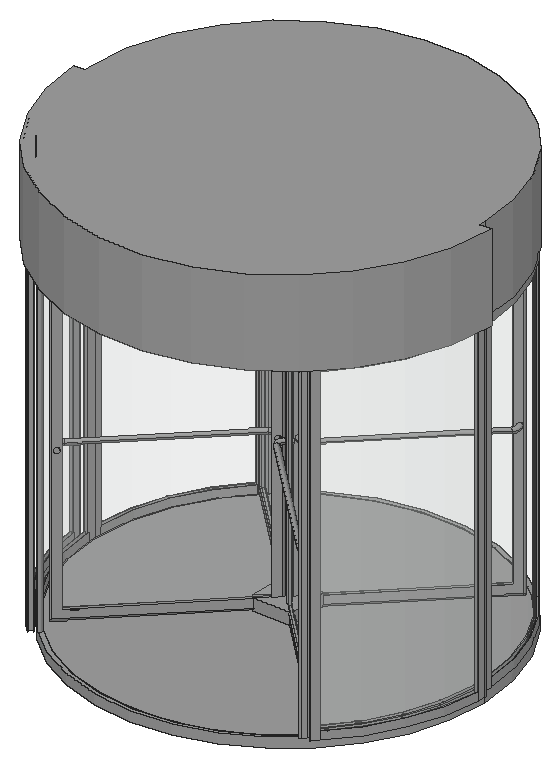
Revit family "agtatec_Record_RlvngDrsetSym_K41_Standalone", category Doors, Revit 2012
Parameters (values of type "default")
  WithinStandardSizes = and(InsideDiameter > 1999.90 mm, InsideDiameter < 4000.10 mm, PassageHeight > 1999.90 mm, PassageHeight < 3000.10 mm, and(HeightOfFloorFrame > 64.90 mm, HeightOfFloorFrame < 500.10 mm), CanopyHeight < 1000.10 mm, if(InsideDiameter < 3300.90 mm, CanopyHeight > 249.90 mm, CanopyHeight > 349.90 mm))  # yes
  Width = OutsideDiameter + 25.00 mm  # 2619.00 mm
  Weight = "Depends on configuration and size"
  WarrantyStartDate [instance] = "Depends on country"
  WarrantyGuarantorParts = "Local door manufacturer"
  WarrantyGuarantorLabour = "Local door manufacturer"
  WarrantyDurationUnit = "Depends on country"
  WarrantyDurationParts = "Depends on country"
  WarrantyDurationLabour = "Depends on country"
  WarrantyDescription = "Depends on country"
  Version = "Version 1.0"
  Uniclass2 = "Ss_25_30_20_70"
  URL = ""
  TotalHeight = PassageHeight + CanopyHeight  # 2770.00 mm
  TotalDiameter = 2600.00 mm
  ThresholdStripping = "No additional required, part of the doorset"
  ThresholdRequired = yes
  ThermalTransmittance = 0
  TagNumber [instance] = "n/a"
  SustainabilityPerformance = "n/a"
  SmokeStop = no
  Size = "n/a"
  ShowcaseRadius = InnerRadius - 76.00 mm  # 1195.00 mm
  Shape = "Cylinder shaped"
  ServiceLifeType = "n/a"
  ServiceLifeDuration = "10-15 years"
  SerialNumber [instance] = "n/a"
  SelfClosing = yes
  SecurityRating = "n/a"
  SafetyDevices = "Fully compliant with EN16005, Safety buffers, Presence sensors, etc."
  Rough Width = TotalDiameter + 6.00 mm  # 2606.00 mm
  Rough Height = PassageHeight + CanopyHeight + 6.00 mm  # 2776.00 mm
  Revision = "n/a"
  ReplacementCost = "Depends on the configuration and door type"
  ReferenceStandard = "EN16005, EN16361, DIN 18650, etc."
  Reference = "n/a"
  RecessWidth = TotalDiameter + 100.00 mm  # 2700.00 mm
  RecessHeight = TotalHeight + 50.00 mm  # 2820.00 mm
  ProductionYear = "n/a"
  ProductInformation = "www.agta-record.com"
  Process = "n/a"
  PassageWidthOptions = "n/a"
  PassageWidth = (TotalDiameter * 0.5) - 130.00 mm  # 1170.00 mm
  PassageHeight = 2200.00 mm
  PanelWidth = InnerRadius - 54.80 mm  # 1216.20 mm
  PanelHeight = PassageHeight - 37.00 mm  # 2163.00 mm
  PanelFrames = agtatec_Record_Revolving Door, Aluminium
  PanelFill = agtatec_Record_Revolving Door, Laminated Safety Glass (Clear)
  OutsideDiameter = TotalDiameter - 6.00 mm  # 2594.00 mm
  OuterRadius = InnerRadius + 26.00 mm  # 1297.00 mm
  Operation = "n/a"
  OperatingTemperature = "-15º to +50ºC"
  NominalWidth = TotalDiameter  # 2600.00 mm
  NominalLength = TotalDiameter  # 2600.00 mm
  NominalHeight = TotalHeight  # 2770.00 mm
  NightShuttersRadius = OuterRadius + 51.50 mm  # 1348.50 mm
  NightShuttersOpeningAngle = if(NightShuttersOpen, 43.50°, 0.00°)  # 43.50°
  NightShuttersOpen = yes
  NightShutterPanelFill = agtatec_Record_Revolving Door, Laminated Safety Glass (Clear)
  Name = "RlvngDrsetSym_K41_Standalone_Record"
  NBSTypeID = "n/a"
  NBSReference = "25-50-20/170"
  NBSOfficeMasterTag = "n/a"
  NBSNote = "n/a"
  NBSDescription = "Revolving Doorset System"
  NBSCertification = "n/a"
  ModelReference = "Depends on the configuration"
  ModelNumber = "n/a"
  ModelLabel = "n/a"
  Model = "K41"
  MethodOfMeasurement = "n/a"
  Material = "Aluminium"
  ManufacturerURL = "www.agta-record.com"
  ManufacturerName = "Record"
  Manufacturer = "info@recorduk.co.uk"
  LeafRotationAngle = 45.00°
  LeafPanelFill = agtatec_Record_Revolving Door, Laminated Safety Glass (Clear)
  LeafColourOptions = "All RAL, customer specific"
  IssueDate = "<>"
  IsExternal = yes
  InstallationDate [instance] = "n/a"
  InsideDiameter = TotalDiameter - 58.00 mm  # 2542.00 mm
  InnerRadius = InsideDiameter / 2  # 1271.00 mm
  Infiltration = "n/a"
  IfcExportType = "Door"
  IfcExportAs = "IfcExportAs"
  HeightUnderCanopyOptions = "Passage height: 2000 - 3000 mm"
  HeightOfFloorFrame = 65.00 mm
  Height = PassageHeight + CanopyHeight  # 2770.00 mm
  HasDrive = yes
  Handles = yes
  HandicapAccessible = no
  Grade = "n/a"
  GlazingAreaFraction = "n/a"
  GlassType = "Part of glazing spec"
  GlassThickness2 = 0.00 mm
  GlassThickness1 = 0.00 mm
  GlassLayers = 0
  Function = Exterior
  FrameSeal = yes
  FrameProfile = "Aluminium"
  FrameMaterial = "Aluminium"
  FrameFinishOptions = "n/a"
  Flooring = agtatec_Record_Revolving Door, Felt Carpet
  Floor Frame (Ring) = yes
  FireRating = "n/a"
  FireExit = no
  Finish = "Powder coated, Anodized, customer specific"
  Features = "n/a"
  ExternalDimensionOfFloorFrame = TotalDiameter + 194.00 mm  # 2794.00 mm
  ExpectedLife = "n/a"
  ElectronicLock = yes
  DurationUnit = "year"
  DrumWallPanelFill = agtatec_Record_Revolving Door, Laminated Safety Glass (Clear)
  DoorsetOperation = "Automatic"
  DoorsetFasteners = "Screws"
  DoorWingOptions = "4 wings"
  DoorSeal = "1"
  DoorNumber = "n/a"
  DoorIncluded = yes
  Documentation = "n/a"
  DocumentReference = "n/a"
  DiameterOptions = "Internal 2000-4000 mm"
  Description = "4-wing Revolving Door"
  DepthOfRecessFloorFrame = HeightOfFloorFrame + 15.00 mm  # 80.00 mm
  Cost = 0
  Construction Type = "Automatic Revolving Door"
  Constituents = "n/a"
  Configuration = "2, 3 or 4 leafs"
  Colour = "Customer specific"
  CodePerformance = "n/a"
  Category = "n/a"
  Capacity = "<>"
  CanopyRadius = OuterRadius + 3.00 mm  # 1300.00 mm
  CanopyHeightOptions = "250 mm +"
  CanopyHeight = 570.00 mm
  CanopyCovering = agtatec_Record_Revolving Door, Sheet metal (Painted Steel)
  BottomConstruction = agtatec_Record_Revolving Door, Stainless Steel
  BarCode [instance] = "n/a"
  BIMObjectName = "agtatec_Record_RevolvingDoorsetSystem_K41_Standalone"
  Author = "agtatec"
  AssetType = "n/a"
  AssetIdentifier [instance] = "n/a"
  Assembly Code = ""
  AntiFingerTrapRequirement = yes
  AlternativeDoorsetGlazing = "Part of glazing spec"
  AcousticRating = "n/a"
  AccessoryOptions = "Contact manufacturer"
  AccessibilityPerformance = "n/a"
Reference planes
  plane 1 "Center (Front/Back)": y = 0
  plane 2: z = 0
  plane 3 "Center (Left/Right)": x = 0
  plane 4 "Top Plane": z = 2200
  plane 5: z = 2770
  plane 6: z = 56
  plane 7: z = 2147
  plane 8: z = -65
  plane 9: z = 2239
  plane 10: z = 2196.2
  plane 11: y = -40
Forms (mm)
  Extrusion 1, solid, material "agtatec_Record_Revolving Door, Aluminium" <- "PanelFrames"
    sketch origin (0, 0, 0) x (-1, 0, 0) y (0, -1, 0)
      loop
        line (1271, 0) -> (1297, 0) -> (1297, 53) -> (1294, 53) -> (1294, 33) -> (1274, 33) -> (1274, 53) -> (1271, 53) -> (1271, 0)
    from 0 to 2200
  Extrusion 2, solid, material "agtatec_Record_Revolving Door, Aluminium" <- "PanelFrames"
    sketch origin (0, 0, 0) x (-0.707107, -0.707107, 0) y (0.707107, -0.707107, 0)
      loop
        line (1274, 0) -> (1294, 0) -> (1294, -20) -> (1296.999, -20) -> (1296.999, 32)
        arc (1296.999, 32) -> (1284, 45) -> (1271, 32) r 13
        line (1271, 32) -> (1271, -20) -> (1274, -20) -> (1274, 0)
    from 0 to 2200
  Extrusion 3, solid, material "agtatec_Record_Revolving Door, Stainless Steel" <- "BottomConstruction"
    sketch origin (0, 0, 0) x (1, 0, 0) y (0, 1, 0)
      loop
        circle (0, 0) r 1300
    from 2200 to 2770
  Sweep 4, solid, material "agtatec_Record_Revolving Door, Aluminium" <- "PanelFrames"
    path origin (0, 0, 2200) x (-1, 0, 0) y (0, -1, 0)
      loop
        arc (1295.917, 53) -> (1191.858, 511.55) -> (931.151, 902.866) r 1297
    profile origin (-1191.858, -511.55, 2200) x (0.918934, 0.39441, 0) y (0, 0, 1)
      loop
        line (0, 0) -> (0, -50) -> (3, -50) -> (3, -30) -> (23, -30) -> (23, -50) -> (26, -50) -> (26, 0) -> (0, 0)
  Sweep 5, solid, material "agtatec_Record_Revolving Door, Aluminium" <- "PanelFrames"
    path origin (0, 0, 0) x (1, 0, 0) y (0, 1, 0)
      loop
        arc (-931.151, -902.866) -> (-1191.858, -511.55) -> (-1295.917, -53) r 1297
    profile origin (-1191.858, -511.55, 0) x (-0.918934, -0.39441, 0) y (0, 0, 1)
      loop
        line (0, 0) -> (0, 53) -> (-3, 53) -> (-3, 33) -> (-23, 33) -> (-23, 53) -> (-26, 53) -> (-26, 0) -> (0, 0)
  Revolve 6, solid, material "agtatec_Record_Revolving Door, Stainless Steel" <- "BottomConstruction", visible <- "Floor Frame (Ring)"
    sketch origin (0, 0, 0) x (1, 0, 0) y (0, 0, 1)
      loop
        line (-1271, 0) -> (-1297, 0) -> (-1297, -65) -> (0, -65) -> (0, -23) -> (-1271, -23) -> (-1271, 0)
      axis (0, 0) -> (0, -65)
    angle from 0 to 360
  Extrusion 7, solid, material "agtatec_Record_Revolving Door, Felt Carpet" <- "Flooring"
    sketch origin (0, 0, 0) x (1, 0, 0) y (0, 1, 0)
      loop
        circle (0, 0) r 1271
    from 0 to -23
  Sweep 8, solid, material "agtatec_Record_Revolving Door, Laminated Safety Glass (Clear)" <- "DrumWallPanelFill"
    path origin (0, 0, 0) x (1, 0, 0) y (0, 1, 0)
      loop
        arc (-1270.572, -33) -> (-1167.837, -501.595) -> (-898.733, -898.733) r 1271
    profile origin (-1167.837, -501.595, 0) x (0.918833, 0.394646, 0) y (0, 0, 1)
      loop
        line (-5, 33) -> (-5, 2170) -> (-15, 2170) -> (-15, 33) -> (-5, 33)
  Sweep 9, solid, material "agtatec_Record_Revolving Door, Stainless Steel" <- "BottomConstruction"
    path origin (0, 0, 2770) x (1, 0, 0) y (0, 1, 0)
      loop
        arc (1299.384, -40) -> (0, -1300) -> (-1299.384, -40) r 1300
    profile origin (0, -1300, 2770) x (0, -1, 0) y (0, 0, 1)
      loop
        line (0, 0) -> (0, -15) -> (63, -15) -> (63, -570) -> (75, -570) -> (75, 0) -> (0, 0)
  Extrusion 10, solid, material "agtatec_Record_Revolving Door, Aluminium" <- "PanelFrames"
    sketch origin (0, 0, 0) x (-1, 0, 0) y (0, -1, 0)
      loop
        line (1271, 0) -> (1271, -53) -> (1274, -53) -> (1274, -33) -> (1294, -33) -> (1294, -53) -> (1297, -53) -> (1297, 0) -> (1271, 0)
    from 0 to 2200
  Extrusion 11, solid, material "agtatec_Record_Revolving Door, Aluminium" <- "PanelFrames"
    sketch origin (0, 0, 0) x (-0.707107, 0.707107, 0) y (-0.707107, -0.707107, 0)
      loop
        line (1274, 0) -> (1274, 20) -> (1271, 20) -> (1271, -43) -> (1270, -43) -> (1270, -73.002)
        arc (1270, -73.002) -> (1284, -87.001) -> (1297.999, -73.002) r 14
        line (1297.999, -73.002) -> (1297.999, -43) -> (1296.999, -43) -> (1296.999, 20) -> (1294, 20) -> (1294, 0) -> (1274, 0)
    from 0 to 2200
  Sweep 12, solid, material "agtatec_Record_Revolving Door, Aluminium" <- "PanelFrames"
    path origin (0, 0, 2200) x (-1, 0, 0) y (0, 1, 0)
      loop
        arc (1295.917, 53) -> (1191.858, 511.55) -> (931.151, 902.866) r 1297
    profile origin (-1191.858, 511.55, 2200) x (-0.918934, 0.39441, 0) y (0, 0, 1)
      loop
        line (0, 0) -> (-26, 0) -> (-26, -50) -> (-23, -50) -> (-23, -30) -> (-3, -30) -> (-3, -50) -> (0, -50) -> (0, 0)
  Sweep 13, solid, material "agtatec_Record_Revolving Door, Aluminium" <- "PanelFrames"
    path origin (0, 0, 0) x (1, 0, 0) y (0, -1, 0)
      loop
        arc (-931.151, -902.866) -> (-1191.858, -511.55) -> (-1295.917, -53) r 1297
    profile origin (-1191.858, 511.55, 0) x (0.918934, -0.39441, 0) y (0, 0, 1)
      loop
        line (0, 0) -> (26, 0) -> (26, 53) -> (23, 53) -> (23, 33) -> (3, 33) -> (3, 53) -> (0, 53) -> (0, 0)
  Sweep 14, solid, material "agtatec_Record_Revolving Door, Laminated Safety Glass (Clear)" <- "DrumWallPanelFill"
    path origin (0, 0, 0) x (-0.707107, -0.707107, 0) y (0.707107, -0.707107, 0)
      loop
        arc (0, -1271) -> (471.104, -1180.467) -> (875.095, -921.764) r 1271
    profile origin (-1167.837, 501.595, 0) x (0.918833, -0.394646, 0) y (0, 0, 1)
      loop
        line (-5, 33) -> (-5, 2170) -> (-15, 2170) -> (-15, 33) -> (-5, 33)
  Extrusion 15, solid, material "agtatec_Record_Revolving Door, Aluminium" <- "PanelFrames"
    sketch origin (0, 0, 0) x (1, 0, 0) y (0, 1, 0)
      loop
        line (1271, 0) -> (1271, -53) -> (1274, -53) -> (1274, -33) -> (1294, -33) -> (1294, -53) -> (1297, -53) -> (1297, 0) -> (1271, 0)
    from 0 to 2200
  Sweep 16, solid, material "agtatec_Record_Revolving Door, Aluminium" <- "PanelFrames"
    path origin (0, 0, 2200) x (1, 0, 0) y (0, -1, 0)
      loop
        arc (1295.917, 53) -> (1191.858, 511.55) -> (931.151, 902.866) r 1297
    profile origin (1191.858, -511.55, 2200) x (0.918934, -0.39441, 0) y (0, 0, 1)
      loop
        line (0, 0) -> (-26, 0) -> (-26, -50) -> (-23, -50) -> (-23, -30) -> (-3, -30) -> (-3, -50) -> (0, -50) -> (0, 0)
  Sweep 17, solid, material "agtatec_Record_Revolving Door, Aluminium" <- "PanelFrames"
    path origin (0, 0, 0) x (-1, 0, 0) y (0, 1, 0)
      loop
        arc (-931.151, -902.866) -> (-1191.858, -511.55) -> (-1295.917, -53) r 1297
    profile origin (1191.858, -511.55, 0) x (-0.918934, 0.39441, 0) y (0, 0, 1)
      loop
        line (0, 0) -> (26, 0) -> (26, 53) -> (23, 53) -> (23, 33) -> (3, 33) -> (3, 53) -> (0, 53) -> (0, 0)
  Extrusion 18, solid, material "agtatec_Record_Revolving Door, Aluminium" <- "PanelFrames"
    sketch origin (0, 0, 0) x (1, 0, 0) y (0, 1, 0)
      loop
        line (1271, 0) -> (1297, 0) -> (1297, 53) -> (1294, 53) -> (1294, 33) -> (1274, 33) -> (1274, 53) -> (1271, 53) -> (1271, 0)
    from 0 to 2200
  Sweep 19, solid, material "agtatec_Record_Revolving Door, Aluminium" <- "PanelFrames"
    path origin (0, 0, 2200) x (1, 0, 0) y (0, 1, 0)
      loop
        arc (1295.917, 53) -> (1191.858, 511.55) -> (931.151, 902.866) r 1297
    profile origin (1191.858, 511.55, 2200) x (-0.918934, -0.39441, 0) y (0, 0, 1)
      loop
        line (0, 0) -> (0, -50) -> (3, -50) -> (3, -30) -> (23, -30) -> (23, -50) -> (26, -50) -> (26, 0) -> (0, 0)
  Sweep 20, solid, material "agtatec_Record_Revolving Door, Aluminium" <- "PanelFrames"
    path origin (0, 0, 0) x (-1, 0, 0) y (0, -1, 0)
      loop
        arc (-931.151, -902.866) -> (-1191.858, -511.55) -> (-1295.917, -53) r 1297
    profile origin (1191.858, 511.55, 0) x (0.918934, 0.39441, 0) y (0, 0, 1)
      loop
        line (0, 0) -> (0, 53) -> (-3, 53) -> (-3, 33) -> (-23, 33) -> (-23, 53) -> (-26, 53) -> (-26, 0) -> (0, 0)
  Extrusion 21, solid, material "agtatec_Record_Revolving Door, Aluminium" <- "PanelFrames"
    sketch origin (0, 0, 0) x (0.707107, 0.707107, 0) y (-0.707107, 0.707107, 0)
      loop
        line (1274, 0) -> (1294, 0) -> (1294, -20) -> (1296.999, -20) -> (1296.999, 32)
        arc (1296.999, 32) -> (1284, 45) -> (1271, 32) r 13
        line (1271, 32) -> (1271, -20) -> (1274, -20) -> (1274, 0)
    from 0 to 2200
  Extrusion 22, solid, material "agtatec_Record_Revolving Door, Aluminium" <- "PanelFrames"
    sketch origin (0, 0, 0) x (0.707107, -0.707107, 0) y (0.707107, 0.707107, 0)
      loop
        line (1274, 0) -> (1274, 20) -> (1271, 20) -> (1271, -43) -> (1270, -43) -> (1270, -73.002)
        arc (1270, -73.002) -> (1284, -87.001) -> (1297.999, -73.002) r 14
        line (1297.999, -73.002) -> (1297.999, -43) -> (1296.999, -43) -> (1296.999, 20) -> (1294, 20) -> (1294, 0) -> (1274, 0)
    from 0 to 2200
  Sweep 23, solid, material "agtatec_Record_Revolving Door, Laminated Safety Glass (Clear)" <- "DrumWallPanelFill"
    path origin (0, 0, 0) x (1, 0, 0) y (0, 1, 0)
      loop
        arc (898.733, -898.733) -> (1167.837, -501.595) -> (1270.572, -33) r 1271
    profile origin (1167.837, -501.595, 0) x (-0.918833, 0.394646, 0) y (0, 0, 1)
      loop
        line (-5, 33) -> (-5, 2170) -> (-15, 2170) -> (-15, 33) -> (-5, 33)
  Sweep 24, solid, material "agtatec_Record_Revolving Door, Laminated Safety Glass (Clear)" <- "DrumWallPanelFill"
    path origin (0, 0, 0) x (-0.707107, -0.707107, 0) y (0.707107, -0.707107, 0)
      loop
        arc (-921.764, 875.095) -> (-1180.467, 471.104) -> (-1271, 0) r 1271
    profile origin (1167.837, 501.595, 0) x (-0.918833, -0.394646, 0) y (0, 0, 1)
      loop
        line (-5, 33) -> (-5, 2170) -> (-15, 2170) -> (-15, 33) -> (-5, 33)
Cuts and joins
  joined: Extrusion 3, Sweep 9
Lines and regions (mm)
  Masking region 1
    outline origin (0, 0, 0) x (1, 0, 0) y (0, 1, 0)
      loop
        line (-931.151, -902.866) -> (-912.484, -884.767)
        arc (-912.484, -884.767) -> (-1167.966, -501.296) -> (-1269.938, -51.938) r 1271
        line (-1269.938, -51.938) -> (-1295.917, -53)
        arc (-1295.917, -53) -> (-1191.858, -511.55) -> (-931.151, -902.866) r 1297
  Masking region 2
    outline origin (0, 0, 0) x (1, 0, 0) y (0, 1, 0)
      loop
        arc (-931.151, 902.866) -> (-1191.858, 511.55) -> (-1295.917, 53) r 1297
        line (-1295.917, 53) -> (-1269.938, 51.938)
        arc (-1269.938, 51.938) -> (-1167.966, 501.296) -> (-912.484, 884.767) r 1271
        line (-912.484, 884.767) -> (-931.151, 902.866)
  Masking region 3
    outline origin (0, 0, 0) x (1, 0, 0) y (0, 1, 0)
      loop
        arc (912.484, 884.767) -> (1167.966, 501.296) -> (1269.938, 51.938) r 1271
        line (1269.938, 51.938) -> (1295.917, 53)
        arc (1295.917, 53) -> (1191.858, 511.55) -> (931.151, 902.866) r 1297
        line (931.151, 902.866) -> (912.484, 884.767)
  Masking region 4
    outline origin (0, 0, 0) x (1, 0, 0) y (0, 1, 0)
      loop
        arc (931.151, -902.866) -> (1191.858, -511.55) -> (1295.917, -53) r 1297
        line (1295.917, -53) -> (1269.938, -51.938)
        arc (1269.938, -51.938) -> (1167.966, -501.296) -> (912.484, -884.767) r 1271
        line (912.484, -884.767) -> (931.151, -902.866)
  Masking region 5
    outline origin (0, 0, 0) x (1, 0, 0) y (0, 1, 0)
      loop
        arc (-894.489, -939.745) -> (-876.105, -939.745) -> (-876.105, -921.36) r 13
        line (-876.105, -921.36) -> (-912.875, -884.591) -> (-931.259, -902.975) -> (-894.489, -939.745)
  Masking region 6
    outline origin (0, 0, 0) x (0.707107, -0.707107, 0) y (0.707107, 0.707107, 0)
      loop
        line (1296.999, -43) -> (1296.999, 20) -> (1271, 20) -> (1271, -43) -> (1270, -43) -> (1270, -73.002)
        arc (1270, -73.002) -> (1284, -87.001) -> (1297.999, -73.002) r 14
        line (1297.999, -73.002) -> (1297.999, -43) -> (1296.999, -43)
  Masking region 7
    outline origin (0, 0, 0) x (1, 0, 0) y (0, 1, 0)
      loop
        line (-1297, 0) -> (-1297, -53) -> (-1271, -53) -> (-1271, 0) -> (-1297, 0)
  Masking region 8
    outline origin (0, 0, 0) x (1, 0, 0) y (0, 1, 0)
      loop
        line (-1297, 53) -> (-1297, 0) -> (-1271, 0) -> (-1271, 53) -> (-1297, 53)
  Masking region 9
    outline origin (0, 0, 0) x (1, 0, 0) y (0, 1, 0)
      loop
        line (1297, -53) -> (1297, 0) -> (1271, 0) -> (1271, -53) -> (1297, -53)
  Masking region 10
    outline origin (0, 0, 0) x (1, 0, 0) y (0, 1, 0)
      loop
        line (1297, 0) -> (1297, 53) -> (1271, 53) -> (1271, 0) -> (1297, 0)
  Masking region 11
    outline origin (0, 0, 0) x (1, 0, 0) y (0, 1, 0)
      loop
        arc (-846.406, 949.646) -> (-846.406, 969.444) -> (-866.204, 969.444) r 14
        line (-866.204, 969.444) -> (-887.418, 948.23) -> (-886.711, 947.523) -> (-931.259, 902.975) -> (-912.875, 884.591) -> (-868.327, 929.138) -> (-867.62, 928.431) -> (-846.406, 949.646)
  Masking region 12
    outline origin (0, 0, 0) x (1, 0, 0) y (0, 1, 0)
      loop
        arc (894.489, 939.745) -> (876.105, 939.745) -> (876.105, 921.36) r 13
        line (876.105, 921.36) -> (912.875, 884.591) -> (931.259, 902.975) -> (894.489, 939.745)
  reference lines
    curve 1: circle (0, 0, 0) r 1271 normal (0, 0, 1)
    curve 2: line (0, 0, 0) -> (1271, 0, 0)
    curve 3: line (0, 0, 0) -> (-1271, 0, 0)
    curve 4: line (0, 0, 0) -> (-898.733, -898.733, 0)
    curve 5: line (-898.733, -898.733, 0) -> (-931.044, -867.413, 0)
    curve 6: line (0, 0, 0) -> (-898.733, 898.733, 0)
    curve 7: line (0, 0, 0) -> (898.733, 898.733, 0)
    curve 8: line (0, 0, 0) -> (898.733, -898.733, 0)
    curve 9: line (0, 0, 0) -> (0, 862.67, 0)
  symbolic lines, detail levels medium+fine
    curve 10: line (-912.875, -884.59, 0) -> (-931.259, -902.975, 0)
    curve 11: line (-1271, 53, 0) -> (-1297, 53, 0)
    curve 12: line (-1297, -53, 0) -> (-1271, -53, 0)
    curve 13: line (-931.259, 902.975, 0) -> (-912.875, 884.591, 0)
    curve 14: line (912.875, 884.591, 0) -> (931.259, 902.975, 0)
    curve 15: line (1297, 53, 0) -> (1271, 53, 0)
    curve 16: line (1271, -53, 0) -> (1297, -53, 0)
    curve 17: line (931.259, -902.975, 0) -> (912.875, -884.591, 0)
  symbolic lines, detail levels fine
    curve 18: arc (-916.3, 888.015, 0) -> (-1172.455, 503.513, 0) -> (-1274.899, 53, 0) r 1276
    curve 19: arc (-923.371, 895.087, 0) -> (-1181.683, 507.367, 0) -> (-1284.905, 53.058, 0) r 1286
    curve 20: arc (-1274.899, -53, 0) -> (-1172.455, -503.513, 0) -> (-916.3, -888.015, 0) r 1276
    curve 21: arc (-1284.905, -53.058, 0) -> (-1181.683, -507.367, 0) -> (-923.371, -895.087, 0) r 1286
    curve 22: arc (916.3, -888.015, 0) -> (1172.455, -503.513, 0) -> (1274.899, -53, 0) r 1276
    curve 23: arc (923.371, -895.087, 0) -> (1181.683, -507.367, 0) -> (1284.905, -53.058, 0) r 1286
    curve 24: arc (1274.899, 53, 0) -> (1172.455, 503.513, 0) -> (916.3, 888.015, 0) r 1276
    curve 25: arc (1284.905, 53.058, 0) -> (1181.683, 507.367, 0) -> (923.371, 895.087, 0) r 1286
Dimensions and locks
  "PassageHeight": plane 4 "Top Plane" to plane 2
  "CanopyHeight": plane 5 to plane 4 "Top Plane"
  locked: plane 4 "Top Plane" to plane 7 at 53
  locked: plane 6 to level at 56
  "OuterRadius": plane 3 "Center (Left/Right)" to Revolve 6 sketch curve
  "InnerRadius": Revolve 6 sketch curve to plane 3 "Center (Left/Right)"
  "HeightOfFloorFrame": level to plane 8
  plane 9 to plane 4 "Top Plane" to plane 10 = 39.00 mm locked, 3.80 mm locked
  Extrusion 1 sketch curve to Extrusion 1 sketch curve = 53.00 mm
  locked: Sweep 9 sketch curve to Sweep 9 sketch curve at 75
  Extrusion 10 sketch curve to Extrusion 10 sketch curve = 53.00 mm
  Extrusion 15 sketch curve to Extrusion 15 sketch curve = 53.00 mm
  Extrusion 18 sketch curve to Extrusion 18 sketch curve = 53.00 mm
  plane 1 "Center (Front/Back)" to plane 11 = 40.00 mm
  locked: Sweep 9 sketch curve to Sweep 9 sketch curve at 15
  locked: Sweep 9 sketch curve to Sweep 9 sketch curve at 12
  "CanopyRadius": radius of Extrusion 3 sketch curve
  "OuterRadius": radius of Sweep 4 sketch curve
  "OuterRadius": radius of Sweep 5 sketch curve
  "InnerRadius": radius of Extrusion 7 sketch curve
  "OuterRadius": radius of Sweep 12 sketch curve
  "OuterRadius": radius of Sweep 13 sketch curve
  "InnerRadius": radius of curve 1
  "OuterRadius": radius of Sweep 16 sketch curve
  "OuterRadius": radius of Sweep 17 sketch curve
  "OuterRadius": radius of Sweep 19 sketch curve
  "OuterRadius": radius of Sweep 20 sketch curve
  angle plane 1 "Center (Front/Back)" to curve 4 = 45.00°
  angle curve 6 to plane 1 "Center (Front/Back)" = 45.00°
  angle plane 1 "Center (Front/Back)" to curve 7 = 45.00°
  angle curve 8 to plane 1 "Center (Front/Back)" = 45.00°
  "NightShuttersOpeningAngle": angle nested 2 to curve 9
  "NightShuttersOpeningAngle": angle curve 9 to nested 3
  "LeafRotationAngle": angle plane 3 "Center (Left/Right)" to nested 1
  aligned and locked: level to plane 2
  aligned and locked: plane 4 "Top Plane" to Extrusion 2
  aligned and locked: plane 4 "Top Plane" to Extrusion 1
  aligned and locked: plane 5 to Extrusion 3
  aligned and locked: Extrusion 3 to plane 4 "Top Plane"
  aligned and locked: Extrusion 1 to Sweep 4 sketch curve
  aligned and locked: Revolve 6 sketch curve to plane 3 "Center (Left/Right)"
  aligned and locked: Revolve 6 to plane 8
  aligned and locked: Sweep 8 sketch curve to Extrusion 7
  aligned and locked: curve 4 to Sweep 8 sketch curve
  aligned and locked: Extrusion 1 to Sweep 8 sketch curve
  aligned and locked: Extrusion 1 to Sweep 5 sketch curve
  aligned and locked: Extrusion 2 to Sweep 5 sketch curve
  aligned and locked: Extrusion 2 to Sweep 4 sketch curve
  aligned and locked: Sweep 8 sketch curve to Sweep 4
  aligned and locked: Sweep 8 sketch curve to Sweep 5
  aligned and locked: Sweep 12 sketch curve to Extrusion 10
  aligned and locked: Sweep 13 sketch curve to Extrusion 10
  aligned and locked: Sweep 13 sketch curve to Extrusion 11
  aligned and locked: Sweep 12 sketch curve to Extrusion 11
  aligned and locked: Sweep 13 to Sweep 14 sketch curve
  aligned and locked: Sweep 12 to Sweep 14 sketch curve
  aligned and locked: Sweep 14 sketch curve to Extrusion 10
  aligned and locked: Extrusion 11 to Sweep 14 sketch curve
  aligned and locked: Sweep 14 sketch curve to Extrusion 7
  aligned and locked: Sweep 16 sketch curve to Extrusion 15
  aligned and locked: Sweep 17 sketch curve to Extrusion 15
  aligned and locked: Extrusion 18 to Sweep 19 sketch curve
  aligned and locked: Extrusion 18 to Sweep 20 sketch curve
  aligned and locked: Sweep 23 sketch curve to Extrusion 7
  aligned and locked: Extrusion 22 to Sweep 23 sketch curve
  aligned and locked: Sweep 23 sketch curve to Extrusion 15
  aligned and locked: Sweep 16 to Sweep 23 sketch curve
  aligned and locked: Sweep 17 to Sweep 23 sketch curve
  aligned and locked: Sweep 24 sketch curve to Extrusion 7
  aligned and locked: Extrusion 18 to Sweep 24 sketch curve
  aligned and locked: Sweep 24 sketch curve to Extrusion 21
  aligned and locked: Sweep 24 sketch curve to Sweep 19
  aligned and locked: Sweep 24 sketch curve to Sweep 20
  aligned and locked: Extrusion 21 to Sweep 20 sketch curve
  aligned and locked: Extrusion 22 to Sweep 17 sketch curve
  aligned and locked: Extrusion 22 to Sweep 16 sketch curve
  aligned and locked: Extrusion 21 to Sweep 19 sketch curve
  aligned and locked: Extrusion 3 to Sweep 9 sketch curve
  aligned and locked: plane 11 to Sweep 9 sketch curve  (x2)
  aligned and locked: Sweep 9 sketch curve to Extrusion 3
  aligned and locked: profile plane to Sweep 9 sketch curve
  aligned and locked: plane 4 "Top Plane" to Extrusion 10
  aligned and locked: plane 4 "Top Plane" to Extrusion 11
  aligned and locked: plane 4 "Top Plane" to Extrusion 18
  aligned and locked: plane 4 "Top Plane" to Extrusion 22
  aligned and locked: plane 4 "Top Plane" to Extrusion 21
  aligned and locked: plane 4 "Top Plane" to Extrusion 15
  aligned and locked: plane 3 "Center (Left/Right)" to curve 9
  aligned and locked: Masking region 1 sketch curve to Sweep 5  (x4)
  aligned and locked: Masking region 2 sketch curve to Sweep 13  (x4)
  aligned and locked: Masking region 3 sketch curve to Sweep 20  (x4)
  aligned and locked: Masking region 4 sketch curve to Sweep 17  (x4)
  aligned and locked: Masking region 5 sketch curve to Extrusion 2  (x3)
  aligned and locked: Extrusion 2 to Masking region 5 sketch curve  (x2)
  aligned and locked: Masking region 6 sketch curve to Extrusion 22  (x7)
  aligned and locked: Extrusion 22 to Masking region 6 sketch curve
  aligned and locked: Masking region 7 sketch curve to Extrusion 10
  aligned and locked: Masking region 7 sketch curve to Extrusion 1  (x3)
  aligned and locked: Masking region 8 sketch curve to Extrusion 10  (x4)
  aligned and locked: Masking region 9 sketch curve to Extrusion 15  (x3)
  aligned and locked: Masking region 9 sketch curve to Extrusion 18
  aligned and locked: Masking region 10 sketch curve to Extrusion 18  (x4)
  aligned and locked: Masking region 11 sketch curve to Extrusion 11  (x7)
  aligned and locked: Masking region 12 sketch curve to Extrusion 21  (x2)
  aligned and locked: Masking region 5 to Extrusion 2
  aligned and locked: curve 10 to Extrusion 2
  aligned and locked: Extrusion 2 to curve 10
  aligned and locked: curve 11 to Masking region 8
  aligned and locked: curve 11 to Extrusion 10
  aligned and locked: Extrusion 10 to curve 11
  aligned and locked: curve 12 to Masking region 7
  aligned and locked: Extrusion 1 to curve 12
  aligned and locked: curve 12 to Extrusion 1
  aligned and locked: curve 13 to Masking region 11
  aligned and locked: Extrusion 11 to curve 13
  aligned and locked: curve 13 to Extrusion 11
  aligned and locked: curve 14 to Masking region 12
  aligned and locked: curve 14 to Extrusion 21
  aligned and locked: Extrusion 21 to curve 14
  aligned and locked: curve 15 to Masking region 10
  aligned and locked: curve 15 to Extrusion 18
  aligned and locked: Extrusion 18 to curve 15
  aligned and locked: curve 16 to Masking region 9
  aligned and locked: Extrusion 15 to curve 16
  aligned and locked: curve 16 to Extrusion 15
  aligned and locked: curve 17 to Masking region 6
  aligned and locked: curve 17 to Extrusion 22
  aligned and locked: Extrusion 22 to curve 17
  aligned and locked: curve 18 to Sweep 14
  aligned and locked: curve 19 to Sweep 14
  aligned and locked: curve 20 to Sweep 8
  aligned and locked: curve 21 to Sweep 8
  aligned and locked: curve 22 to Sweep 23
  aligned and locked: curve 23 to Sweep 23
  aligned and locked: curve 24 to Sweep 24
  aligned and locked: curve 25 to Sweep 24
  aligned and locked: Masking region 11 to curve 18
  aligned and locked: Masking region 12 to curve 24
  aligned and locked: Masking region 12 to curve 25
  aligned and locked: Masking region 6 to curve 22
  aligned and locked: Masking region 6 to curve 23
  aligned and locked: Masking region 5 to curve 21
  aligned and locked: curve 10 to curve 20
Automatic sketch dimensions
  curve 2 to plane 3 "Center (Left/Right)" = 0.00 mm
  plane 1 "Center (Front/Back)" to curve 1 = 0.00 mm
  curve 1 to plane 3 "Center (Left/Right)" = 0.00 mm
  Extrusion 1 sketch curve to curve 3 = 0.00 mm  (x2)
  curve 3 to Extrusion 1 sketch curve = 53.00 mm
  curve 3 to Extrusion 1 sketch curve = 3.00 mm
  Extrusion 1 sketch curve to Extrusion 1 sketch curve = 20.00 mm  (x2)
  curve 3 to Extrusion 1 sketch curve = 26.00 mm
  Extrusion 2 sketch curve to curve 4 = 0.00 mm  (x2)
  Extrusion 2 sketch curve to curve 4 = 20.00 mm
  curve 4 to Extrusion 2 sketch curve = 32.00 mm  (x2)
  curve 4 to Extrusion 2 sketch curve = 3.00 mm
  curve 4 to Extrusion 2 sketch curve = 13.00 mm
  Extrusion 2 sketch curve to Extrusion 2 sketch curve = 20.00 mm
  curve 4 to Extrusion 2 sketch curve = 20.00 mm
  plane 1 "Center (Front/Back)" to Extrusion 3 sketch curve = 0.00 mm
  Extrusion 3 sketch curve to plane 3 "Center (Left/Right)" = 0.00 mm
  plane 1 "Center (Front/Back)" to Sweep 4 sketch curve = 0.00 mm
  Sweep 4 sketch curve to plane 3 "Center (Left/Right)" = 0.00 mm
  Sweep 4 sketch curve to plane 4 "Top Plane" = 0.00 mm
  Sweep 4 sketch curve to profile plane = 0.00 mm
  Sweep 4 sketch curve to profile plane = 3.00 mm
  Sweep 4 sketch curve to Sweep 4 sketch curve = 20.00 mm  (x3)
  Sweep 4 sketch curve to Sweep 4 sketch curve = 3.00 mm
  Sweep 4 sketch curve to plane 4 "Top Plane" = 30.00 mm
  plane 1 "Center (Front/Back)" to Sweep 5 sketch curve = 0.00 mm
  Sweep 5 sketch curve to plane 3 "Center (Left/Right)" = 0.00 mm
  level to Sweep 5 sketch curve = 0.00 mm
  Sweep 5 sketch curve to profile plane = 0.00 mm
  profile plane to Sweep 5 sketch curve = 3.00 mm
  Sweep 5 sketch curve to Sweep 5 sketch curve = 20.00 mm  (x3)
  Sweep 5 sketch curve to Sweep 5 sketch curve = 3.00 mm
  level to Sweep 5 sketch curve = 33.00 mm
  Revolve 6 sketch curve to plane 3 "Center (Left/Right)" = 0.00 mm
  Revolve 6 sketch curve to plane 8 = 0.00 mm
  Revolve 6 sketch curve to level = 0.00 mm
  Revolve 6 sketch curve to plane 8 = 175.00 mm
  Revolve 6 sketch curve to Revolve 6 sketch curve = 23.00 mm
  Revolve 6 sketch curve to Revolve 6 sketch curve = 3.00 mm
  plane 1 "Center (Front/Back)" to Extrusion 7 sketch curve = 0.00 mm
  Extrusion 7 sketch curve to plane 3 "Center (Left/Right)" = 0.00 mm
  profile plane to Sweep 8 sketch curve = 15.00 mm
  profile plane to Sweep 8 sketch curve = 5.00 mm
  Extrusion 10 sketch curve to curve 3 = 0.00 mm  (x2)
  Extrusion 10 sketch curve to curve 3 = 53.00 mm
  curve 3 to Extrusion 10 sketch curve = 3.00 mm
  Extrusion 10 sketch curve to Extrusion 10 sketch curve = 20.00 mm
  curve 3 to Extrusion 10 sketch curve = 26.00 mm
  Extrusion 10 sketch curve to curve 3 = 33.00 mm
  Extrusion 11 sketch curve to curve 6 = 0.00 mm  (x2)
  Extrusion 11 sketch curve to curve 6 = 43.00 mm  (x2)
  curve 6 to Extrusion 11 sketch curve = 20.00 mm
  Extrusion 11 sketch curve to curve 6 = 1.00 mm
  curve 6 to Extrusion 11 sketch curve = 3.00 mm
  curve 6 to Extrusion 11 sketch curve = 13.00 mm
  Extrusion 11 sketch curve to Extrusion 11 sketch curve = 20.00 mm  (x2)
  Extrusion 11 sketch curve to Extrusion 11 sketch curve = 3.00 mm
  Extrusion 11 sketch curve to curve 6 = 73.002 mm
  plane 1 "Center (Front/Back)" to Sweep 12 sketch curve = 0.00 mm
  Sweep 12 sketch curve to plane 3 "Center (Left/Right)" = 0.00 mm
  plane 4 "Top Plane" to Sweep 12 sketch curve = 0.00 mm
  Sweep 12 sketch curve to profile plane = 0.00 mm
  profile plane to Sweep 12 sketch curve = 3.00 mm
  Sweep 12 sketch curve to Sweep 12 sketch curve = 20.00 mm  (x3)
  Sweep 12 sketch curve to Sweep 12 sketch curve = 3.00 mm
  Sweep 12 sketch curve to plane 4 "Top Plane" = 30.00 mm
  plane 1 "Center (Front/Back)" to Sweep 13 sketch curve = 0.00 mm
  Sweep 13 sketch curve to plane 3 "Center (Left/Right)" = 0.00 mm
  Sweep 13 sketch curve to level = 0.00 mm
  Sweep 13 sketch curve to profile plane = 0.00 mm
  Sweep 13 sketch curve to Sweep 13 sketch curve = 3.00 mm
  Sweep 13 sketch curve to Sweep 13 sketch curve = 20.00 mm  (x3)
  Sweep 13 sketch curve to Sweep 13 sketch curve = 26.00 mm
  level to Sweep 13 sketch curve = 33.00 mm
  profile plane to Sweep 14 sketch curve = 15.00 mm
  profile plane to Sweep 14 sketch curve = 5.00 mm
  curve 2 to Extrusion 15 sketch curve = 0.00 mm
  Extrusion 15 sketch curve to curve 2 = 0.00 mm
  Extrusion 15 sketch curve to curve 2 = 53.00 mm
  curve 2 to Extrusion 15 sketch curve = 3.00 mm
  Extrusion 15 sketch curve to Extrusion 15 sketch curve = 20.00 mm
  curve 2 to Extrusion 15 sketch curve = 26.00 mm
  Extrusion 15 sketch curve to curve 2 = 33.00 mm
  plane 1 "Center (Front/Back)" to Sweep 16 sketch curve = 0.00 mm
  Sweep 16 sketch curve to plane 3 "Center (Left/Right)" = 0.00 mm
  Sweep 16 sketch curve to plane 4 "Top Plane" = 0.00 mm
  Sweep 16 sketch curve to profile plane = 0.00 mm
  profile plane to Sweep 16 sketch curve = 3.00 mm
  Sweep 16 sketch curve to Sweep 16 sketch curve = 20.00 mm  (x3)
  Sweep 16 sketch curve to Sweep 16 sketch curve = 3.00 mm
  Sweep 16 sketch curve to plane 4 "Top Plane" = 30.00 mm
  plane 1 "Center (Front/Back)" to Sweep 17 sketch curve = 0.00 mm
  Sweep 17 sketch curve to plane 3 "Center (Left/Right)" = 0.00 mm
  level to Sweep 17 sketch curve = 0.00 mm
  Sweep 17 sketch curve to profile plane = 0.00 mm
  Sweep 17 sketch curve to Sweep 17 sketch curve = 3.00 mm
  Sweep 17 sketch curve to Sweep 17 sketch curve = 20.00 mm  (x3)
  Sweep 17 sketch curve to Sweep 17 sketch curve = 26.00 mm
  level to Sweep 17 sketch curve = 33.00 mm
  curve 2 to Extrusion 18 sketch curve = 0.00 mm
  Extrusion 18 sketch curve to curve 2 = 0.00 mm
  curve 2 to Extrusion 18 sketch curve = 53.00 mm
  curve 2 to Extrusion 18 sketch curve = 3.00 mm
  Extrusion 18 sketch curve to Extrusion 18 sketch curve = 20.00 mm  (x2)
  curve 2 to Extrusion 18 sketch curve = 26.00 mm
  plane 1 "Center (Front/Back)" to Sweep 19 sketch curve = 0.00 mm
  Sweep 19 sketch curve to plane 3 "Center (Left/Right)" = 0.00 mm
  plane 4 "Top Plane" to Sweep 19 sketch curve = 0.00 mm
  Sweep 19 sketch curve to profile plane = 0.00 mm
  Sweep 19 sketch curve to profile plane = 3.00 mm
  Sweep 19 sketch curve to Sweep 19 sketch curve = 20.00 mm  (x3)
  Sweep 19 sketch curve to Sweep 19 sketch curve = 3.00 mm
  Sweep 19 sketch curve to plane 4 "Top Plane" = 30.00 mm
  plane 1 "Center (Front/Back)" to Sweep 20 sketch curve = 0.00 mm
  Sweep 20 sketch curve to plane 3 "Center (Left/Right)" = 0.00 mm
  Sweep 20 sketch curve to level = 0.00 mm
  Sweep 20 sketch curve to profile plane = 0.00 mm
  profile plane to Sweep 20 sketch curve = 3.00 mm
  Sweep 20 sketch curve to Sweep 20 sketch curve = 20.00 mm  (x3)
  Sweep 20 sketch curve to Sweep 20 sketch curve = 3.00 mm
  level to Sweep 20 sketch curve = 33.00 mm
  curve 7 to Extrusion 21 sketch curve = 0.00 mm  (x2)
  Extrusion 21 sketch curve to curve 7 = 20.00 mm
  curve 7 to Extrusion 21 sketch curve = 32.00 mm
  Extrusion 21 sketch curve to Extrusion 21 sketch curve = 3.00 mm
  Extrusion 21 sketch curve to Extrusion 21 sketch curve = 13.00 mm
  Extrusion 21 sketch curve to Extrusion 21 sketch curve = 20.00 mm
  curve 7 to Extrusion 21 sketch curve = 20.00 mm
  curve 8 to Extrusion 22 sketch curve = 0.00 mm  (x2)
  Extrusion 22 sketch curve to curve 8 = 43.00 mm  (x2)
  curve 8 to Extrusion 22 sketch curve = 20.00 mm
  Extrusion 22 sketch curve to curve 8 = 1.00 mm
  curve 8 to Extrusion 22 sketch curve = 3.00 mm
  curve 8 to Extrusion 22 sketch curve = 13.00 mm
  Extrusion 22 sketch curve to Extrusion 22 sketch curve = 20.00 mm  (x2)
  Extrusion 22 sketch curve to Extrusion 22 sketch curve = 3.00 mm
  Extrusion 22 sketch curve to curve 8 = 73.002 mm
  profile plane to Sweep 23 sketch curve = 15.00 mm
  profile plane to Sweep 23 sketch curve = 5.00 mm
  profile plane to Sweep 24 sketch curve = 5.00 mm
  Sweep 24 sketch curve to Sweep 24 sketch curve = 10.00 mm
  Sweep 9 sketch curve to profile plane = 0.00 mm
  curve 9 to curve 4 = 0.00 mm
  curve 5 to curve 4 = 0.00 mm  (x2)
  curve 4 to curve 5 = 0.701 mm
  curve 5 to curve 4 = 44.995 mm
  curve 4 to curve 9 = 610.00 mm
  plane 1 "Center (Front/Back)" to curve 8 = 0.00 mm
  Masking region 5 sketch curve to Masking region 5 sketch curve = 9.192 mm
  curve 8 to Masking region 6 sketch curve = 20.00 mm
  Masking region 11 sketch curve to Masking region 11 sketch curve = 9.899 mm  (x2)
  Masking region 12 sketch curve to Masking region 12 sketch curve = 9.192 mm  (x2)
  curve 11 to curve 3 = 53.00 mm
  curve 3 to curve 12 = 53.00 mm
  curve 3 to curve 15 = 53.00 mm
  curve 16 to curve 3 = 53.00 mm
  curve 6 to curve 13 = 20.00 mm
  curve 14 to curve 7 = 20.00 mm
  curve 8 to curve 17 = 20.00 mm
  curve 19 to curve 18 = 7.072 mm
  curve 18 to plane 1 "Center (Front/Back)" = 53.00 mm
  curve 20 to plane 11 = 13.00 mm
  curve 21 to curve 20 = 10.006 mm
  curve 19 to curve 18 = 10.006 mm
  curve 21 to curve 20 = 7.072 mm
  curve 24 to plane 1 "Center (Front/Back)" = 53.00 mm
  curve 22 to plane 11 = 13.00 mm
  curve 24 to curve 25 = 10.006 mm
  curve 22 to curve 23 = 10.006 mm
Nested families
  nested 1: "Revolving panels" at (0, 0, 0) x (-0.7071, -0.7071, 0) z (0, 0, 1), type "Revolving panels"
  nested 2: "Night Shutter Left" at (0, 0, 0) x (0.7254, -0.6884, 0) z (0, 0, 1), type "Night Shutter Left"
    with Rough Width 2606.00 mm
  nested 3: "Night Shutter Right" at (0, 0, 0) x (-0.7254, -0.6884, 0) z (0, 0, 1), type "Night Shutter Right"
    with Width 2619.00 mm, Rough Width 2606.00 mm, Passage Width 1170.00 mm, Outer Radius 1297.00 mm, Night Shutters Radius 1348.50 mm, Inner Radius 1271.00 mm, Canopy Radius 1300.00 mm
Definition of nested family "Revolving panels"
  Parameters (values of type "Revolving panels")
    Passage Height = 2200.00 mm
    Panel Width = 1216.20 mm
    Panel Height = 2163.00 mm
    Panel Frames = agtatec_Record_Revolving Door, Aluminium
    Leaf Panel Fill = agtatec_Record_Revolving Door, Laminated Safety Glass (Clear)
    Handles = yes
  Reference planes
    plane 1 "Center (Front/Back)": y = 0
    plane 2: z = 0
    plane 3 "Center (Left/Right)": x = 0
    plane 4: z = 2163
    plane 5: z = 2113
    plane 6: z = 90
    plane 7: z = 40
    plane 8: y = 16
    plane 9: y = -16
    plane 10: x = -16
    plane 11: x = 16
    plane 12: z = 2200
    plane 13 "2D": z = 170
  Forms (mm)
    Extrusion 1, solid, material "agtatec_Record_Revolving Door, Aluminium" <- "Panel Frames"
      sketch origin (0, 0, 0) x (1, 0, 0) y (0, 1, 0)
        loop
          line (-179.333, 13) -> (-13, 13) -> (-13, 179.333) -> (-179.333, 13)
        loop
          line (-13, -179.333) -> (-13, -13) -> (-179.333, -13) -> (-13, -179.333)
        loop
          line (179.333, -13) -> (13, -13) -> (13, -179.333) -> (179.333, -13)
        loop
          line (13, 179.333) -> (13, 13) -> (179.333, 13) -> (13, 179.333)
      from 40 to 115
    Extrusion 2, solid
      sketch origin (0, 0, 1925) x (1, 0, 0) y (0, 1, 0)
        loop
          line (-179.333, 13) -> (-13, 13) -> (-13, 179.333) -> (-179.333, 13)
        loop
          line (-13, -179.333) -> (-13, -13) -> (-179.333, -13) -> (-13, -179.333)
        loop
          line (179.333, -13) -> (13, -13) -> (13, -179.333) -> (179.333, -13)
        loop
          line (13, 179.333) -> (13, 13) -> (179.333, 13) -> (13, 179.333)
      from 203 to 238
    Extrusion 3, solid
      sketch origin (0, 0, 0) x (1, 0, 0) y (0, 1, 0)
        loop
          circle (0, 0) r 12.5
      from 0 to 2200
  Lines and regions (mm)
    Masking region 1
      outline origin (0, 0, 0) x (1, 0, 0) y (0, 1, 0)
        loop
          circle (0, 0) r 12.5
    Masking region 2
      outline origin (0, 0, 170) x (-1, 0, 0) y (0, -1, 0)
        loop
          line (-179.333, -13) -> (-13, -179.333) -> (-13, -13) -> (-179.333, -13)
        loop
          line (13, -13) -> (13, -179.333) -> (179.333, -13) -> (13, -13)
        loop
          line (13, 179.333) -> (13, 13) -> (179.333, 13) -> (13, 179.333)
        loop
          line (-13, 179.333) -> (-179.333, 13) -> (-13, 13) -> (-13, 179.333)
  Dimensions and locks
    "Panel Height": plane 4 to plane 2
    locked: plane 4 to plane 5 at 50
    locked: plane 6 to level at 90
    locked: Extrusion 2 to plane 4 at 35
    "Passage Height": plane 12 to level
    aligned and locked: plane 2 to level
    aligned and locked: nested 3 to plane 10
    aligned and locked: nested 2 to plane 8
    aligned and locked: plane 11 to nested 1
    aligned and locked: plane 9 to nested 4
    aligned and locked: Extrusion 1 sketch curve to nested 3
    aligned and locked: nested 2 to Extrusion 1 sketch curve
    aligned and locked: Extrusion 1 sketch curve to nested 2
    aligned and locked: nested 1 to Extrusion 1 sketch curve
    aligned and locked: Extrusion 1 sketch curve to nested 1
    aligned and locked: nested 4 to Extrusion 1 sketch curve
    aligned and locked: Extrusion 1 sketch curve to nested 4
    aligned and locked: nested 3 to Extrusion 1 sketch curve
    aligned and locked: Extrusion 1 to plane 7
    aligned and locked: plane 4 to Extrusion 2
    aligned and locked: Extrusion 3 to level
    aligned and locked: plane 12 to Extrusion 3
    aligned and locked: Masking region 1 sketch curve to Extrusion 3  (x2)
    aligned and locked: Masking region 2 sketch curve to Extrusion 1  (x12)
  Automatic sketch dimensions
    Extrusion 1 sketch curve to plane 10 = 163.333 mm
    Extrusion 1 sketch curve to Extrusion 1 sketch curve = 0.00 mm  (x4)
    plane 11 to Extrusion 1 sketch curve = 163.333 mm
    plane 9 to Extrusion 1 sketch curve = 163.333 mm
    Extrusion 1 sketch curve to plane 8 = 163.333 mm
    plane 8 to Extrusion 2 sketch curve = 3.00 mm  (x2)
    Extrusion 2 sketch curve to plane 10 = 163.333 mm
    Extrusion 2 sketch curve to plane 9 = 3.00 mm  (x2)
    Extrusion 2 sketch curve to Extrusion 2 sketch curve = 0.00 mm  (x4)
    plane 10 to Extrusion 2 sketch curve = 3.00 mm  (x2)
    Extrusion 2 sketch curve to plane 11 = 3.00 mm  (x2)
    plane 11 to Extrusion 2 sketch curve = 163.333 mm
    plane 9 to Extrusion 2 sketch curve = 163.333 mm
    Extrusion 2 sketch curve to plane 8 = 163.333 mm
    plane 1 "Center (Front/Back)" to Extrusion 3 sketch curve = 0.00 mm
    Extrusion 3 sketch curve to plane 3 "Center (Left/Right)" = 0.00 mm
    radius of Extrusion 3 sketch curve = 12.50 mm
  Nested families
    nested 1: "Single panel" at (16, 0, 0), type "Single Panel"
    nested 2: "Single panel" at (0, 16, 0) x (0, 1, 0) z (0, 0, 1), type "Single Panel"
    nested 3: "Single panel" at (-16, 0, 0) x (-1, 0, 0) z (0, 0, 1), type "Single Panel"
    nested 4: "Single panel" at (0, -16, 0) x (0, -1, 0) z (0, 0, 1), type "Single Panel"
  Definition of nested family "Single panel"
    Parameters (values of type "Corniza 123")
      Panel Width = 1216.20 mm
      Panel Height = 2163.00 mm
      Panel Frames = agtatec_Record_Revolving Door, Aluminium
      Leaf Panel Fill = agtatec_Record_Revolving Door, Laminated Safety Glass (Clear)
      Handles = yes
    Types (2): name
      Corniza 123
      Single Panel
    Reference planes
      plane 1 "Center (Front/Back)": y = 0
      plane 2: z = 0
      plane 3 "Center (Left/Right)": x = 0
      plane 4: x = 1216.2
      plane 5: z = 2163
      plane 6: x = 1151.2
      plane 7: x = 65
      plane 8 "Glass Base": z = 85
      plane 9: x = 1171.2
      plane 10: x = 45
      plane 11 "Base": z = 40
      plane 12: z = 2118
      plane 13: x = 36
      plane 14: x = 1180.2
      plane 15 "Handle": z = 1050
      plane 16 "2D": z = 500
    Forms (mm)
      Extrusion 1, solid, material "agtatec_Record_Revolving Door, Laminated Safety Glass (Clear)" <- "Leaf Panel Fill"
        sketch origin (0, -13, 0) x (1, 0, 0) y (0, 1, 0)
          loop
            line (45, 18) -> (45, 8) -> (1171.2, 8) -> (1171.2, 18) -> (45, 18)
        from 85 to 2118
      Sweep 2, solid, material "agtatec_Record_Revolving Door, Aluminium" <- "Panel Frames"
        path origin (0, 0, 0) x (1, 0, 0) y (0, 0, 1)
          loop
            line (0, 40) -> (1216.2, 40) -> (1216.2, 2163) -> (0, 2163) -> (0, 40)
        profile origin (608.1, 0, 40) x (0, 0, 1) y (0, -1, 0)
          loop
            line (65, 10) -> (65, 13) -> (13, 13)
            arc (13, 13) -> (0, 0) -> (13, -13) r 13
            line (13, -13) -> (65, -13) -> (65, -10) -> (45, -10) -> (45, 10) -> (65, 10)
      Sweep 3, solid, material "agtatec_Record_Revolving Door, Aluminium" <- "Panel Frames", visible <- "Handles"
        path origin (-306.496, -4572, 1050) x (-1, 0, 0) y (0, -1, 0)
          loop
            line (-342.496, -4559) -> (-342.496, -4549)
            arc (-342.496, -4549) -> (-355.676, -4517.18) -> (-387.496, -4504) r 45
            line (-387.496, -4504) -> (-1441.696, -4504)
            arc (-1441.696, -4504) -> (-1473.516, -4517.18) -> (-1486.696, -4549) r 45
            line (-1486.696, -4549) -> (-1486.696, -4559)
        profile origin (608.1, -68, 1050) x (0, 1, 0) y (0, 0, 1)
          loop
            circle (0, 0) r 15
      Sweep 4, solid, material "agtatec_Record_Revolving Door, Aluminium" <- "Panel Frames", visible <- "Handles"
        path origin (-306.496, -4572, 1050) x (-1, 0, 0) y (0, -1, 0)
          loop
            line (-342.496, -4585) -> (-342.496, -4595)
        profile origin (36, 18, 1050) x (-1, 0, 0) y (0, 0, 1)
          loop
            circle (0, 0) r 15
      Sweep 5, solid, material "agtatec_Record_Revolving Door, Aluminium" <- "Panel Frames", visible <- "Handles"
        path origin (-306.496, -4572, 1050) x (-1, 0, 0) y (0, -1, 0)
          loop
            line (-1486.696, -4585) -> (-1486.696, -4595)
        profile origin (1180.2, 18, 1050) x (-1, 0, 0) y (0, 0, 1)
          loop
            circle (0, 0) r 15
    Lines and regions (mm)
      Masking region 1
        outline origin (0, 0, 0) x (1, 0, 0) y (0, 1, 0)
          loop
            line (1203.2, 13) -> (13, 13)
            arc (13, 13) -> (0, 0) -> (13, -13) r 13
            line (13, -13) -> (1203.2, -13)
            arc (1203.2, -13) -> (1216.2, 0) -> (1203.2, 13) r 13
      Masking region 2, visible <- "Handles", detail levels medium+fine
        outline origin (0, 0, 500) x (-1, 0, 0) y (0, -1, 0)
          loop
            line (-51, -23) -> (-21, -23) -> (-21, -13) -> (-51, -13) -> (-51, -23)
      Masking region 3, visible <- "Handles", detail levels medium+fine
        outline origin (0, 0, 500) x (-1, 0, 0) y (0, -1, 0)
          loop
            line (-1195.2, -13) -> (-1195.2, -23) -> (-1165.2, -23) -> (-1165.2, -13) -> (-1195.2, -13)
      Masking region 4, visible <- "Handles", detail levels medium+fine
        outline origin (0, 0, 500) x (-1, 0, 0) y (0, -1, 0)
          loop
            line (-1195.2, 13) -> (-1165.2, 13) -> (-1165.2, 23)
            arc (-1165.2, 23) -> (-1156.413, 44.213) -> (-1135.2, 53) r 30
            line (-1135.2, 53) -> (-81, 53)
            arc (-81, 53) -> (-59.787, 44.213) -> (-51, 23) r 30
            line (-51, 23) -> (-51, 13) -> (-21, 13) -> (-21, 23)
            arc (-21, 23) -> (-38.574, 65.426) -> (-81, 83) r 60
            line (-81, 83) -> (-1135.2, 83)
            arc (-1135.2, 83) -> (-1177.626, 65.426) -> (-1195.2, 23) r 60
            line (-1195.2, 23) -> (-1195.2, 13)
      symbolic lines, detail levels medium+fine
        curve 1: line (65, 13, 85) -> (65, -13, 85)
        curve 2: line (1151.2, -13, 85) -> (1151.2, 13, 85)
      symbolic lines, detail levels fine
        curve 3: line (65, -5, 85) -> (1151.2, -5, 85)
        curve 4: line (1151.2, 5, 85) -> (65, 5, 85)
    Dimensions and locks
      "Panel Height": plane 5 to plane 2
      "Panel Width": plane 4 to plane 3 "Center (Left/Right)"
      locked: plane 7 to plane 3 "Center (Left/Right)" at 65
      locked: plane 6 to plane 4 at 65
      plane 8 "Glass Base" to level = 85.00 mm
      locked: plane 4 to plane 9 at 45
      locked: plane 10 to plane 3 "Center (Left/Right)" at 45
      plane 12 to plane 5 = 45.00 mm
      locked: plane 6 to plane 14 at 29
      locked: plane 7 to plane 13 at 29
      plane 15 "Handle" to level = 1050.00 mm
      Sweep 3 sketch curve to plane 1 "Center (Front/Back)" = 13.00 mm  (x2)
      locked: Sweep 3 sketch curve to plane 1 "Center (Front/Back)" at 68
      aligned and locked: plane 2 to level
      aligned and locked: Extrusion 1 to plane 8 "Glass Base"
      aligned and locked: Extrusion 1 to plane 9
      aligned and locked: Extrusion 1 to plane 10
      aligned and locked: plane 12 to Extrusion 1
      aligned and locked: Sweep 2 sketch curve to plane 11 "Base"
      aligned and locked: Sweep 2 sketch curve to plane 4
      aligned and locked: Sweep 2 sketch curve to plane 5
      aligned and locked: Sweep 2 sketch curve to plane 3 "Center (Left/Right)"
      aligned and locked: Sweep 3 sketch curve to plane 13
      aligned and locked: plane 14 to Sweep 3 sketch curve
      aligned and locked: Masking region 1 sketch curve to Sweep 2  (x2)
      aligned and locked: Masking region 2 sketch curve to Sweep 4  (x2)
      aligned and locked: Masking region 3 sketch curve to Sweep 5  (x2)
      aligned and locked: Masking region 4 sketch curve to Sweep 3  (x2)
      aligned and locked: curve 1 to plane 7
      aligned and locked: curve 2 to plane 6
      aligned and locked: Extrusion 1 to curve 3
      aligned and locked: Extrusion 1 to curve 4
      aligned and locked: plane 6 to curve 3
      aligned and locked: plane 6 to curve 4
      aligned and locked: plane 7 to curve 3
      aligned and locked: plane 7 to curve 4
    Automatic sketch dimensions
      Extrusion 1 sketch curve to plane 10 = 0.00 mm
      Extrusion 1 sketch curve to plane 9 = 0.00 mm
      plane 1 "Center (Front/Back)" to Extrusion 1 sketch curve = 5.00 mm
      Extrusion 1 sketch curve to plane 1 "Center (Front/Back)" = 5.00 mm
      Sweep 2 sketch curve to plane 1 "Center (Front/Back)" = 0.00 mm
      Sweep 2 sketch curve to profile plane = 13.00 mm
      plane 1 "Center (Front/Back)" to Sweep 2 sketch curve = 10.00 mm
      Sweep 2 sketch curve to Sweep 2 sketch curve = 32.00 mm
      Sweep 2 sketch curve to Sweep 2 sketch curve = 20.00 mm  (x2)
      Sweep 2 sketch curve to plane 1 "Center (Front/Back)" = 10.00 mm
      Sweep 2 sketch curve to Sweep 2 sketch curve = 3.00 mm
      plane 6 to Sweep 3 sketch curve = 16.00 mm
      plane 7 to Sweep 3 sketch curve = 16.00 mm
      Sweep 3 sketch curve to plane 15 "Handle" = 0.00 mm
      Sweep 3 sketch curve to profile plane = 0.00 mm
      Sweep 4 sketch curve to plane 13 = 0.00 mm
      Sweep 4 sketch curve to plane 1 "Center (Front/Back)" = 23.00 mm
      Sweep 4 sketch curve to Sweep 4 sketch curve = 10.00 mm
      Sweep 4 sketch curve to plane 15 "Handle" = 0.00 mm
      Sweep 4 sketch curve to profile plane = 0.00 mm
      Sweep 5 sketch curve to plane 14 = 0.00 mm
      Sweep 5 sketch curve to plane 1 "Center (Front/Back)" = 23.00 mm
      Sweep 5 sketch curve to Sweep 5 sketch curve = 10.00 mm
      Sweep 5 sketch curve to plane 15 "Handle" = 0.00 mm
      Sweep 5 sketch curve to profile plane = 0.00 mm
      curve 1 to plane 1 "Center (Front/Back)" = 13.00 mm
      plane 1 "Center (Front/Back)" to curve 1 = 13.00 mm
      curve 2 to plane 1 "Center (Front/Back)" = 13.00 mm
      plane 1 "Center (Front/Back)" to curve 2 = 13.00 mm
      curve 4 to plane 1 "Center (Front/Back)" = 5.00 mm
      plane 1 "Center (Front/Back)" to curve 3 = 5.00 mm
      plane 10 to Masking region 2 sketch curve = 6.00 mm
      plane 13 to Masking region 2 sketch curve = 15.00 mm
      plane 14 to Masking region 3 sketch curve = 15.00 mm
      plane 9 to Masking region 3 sketch curve = 6.00 mm
      Masking region 4 sketch curve to Masking region 4 sketch curve = 0.00 mm  (x4)
      plane 14 to Masking region 4 sketch curve = 15.00 mm
      plane 9 to Masking region 4 sketch curve = 6.00 mm
      plane 6 to Masking region 4 sketch curve = 16.00 mm
      plane 7 to Masking region 4 sketch curve = 16.00 mm
      plane 10 to Masking region 4 sketch curve = 6.00 mm
      Masking region 4 sketch curve to Masking region 4 sketch curve = 10.00 mm
      radius of Sweep 3 sketch curve = 15.00 mm
      radius of Sweep 4 sketch curve = 15.00 mm
      radius of Sweep 5 sketch curve = 15.00 mm
Definition of nested family "Night Shutter Left"
  Parameters (values of type "Night Shutter Left")
    Width = 2619.00 mm
    URL = ""
    Rough Width = 2600.00 mm
    Rough Height = Passage Height + Canopy Height  # 2770.00 mm
    Rotation Angle = 30.00°
    Passage Width = 1170.00 mm
    Passage Height = 2200.00 mm
    Panel Frames = agtatec_Record_Revolving Door, Aluminium
    Outer Radius = Inner Radius + 26.00 mm  # 1297.00 mm
    Operation = ""
    Night Shutters Radius = Outer Radius + 51.50 mm  # 1348.50 mm
    Night Shutter Panel Fill = agtatec_Record_Revolving Door, Laminated Safety Glass (Clear)
    Model = ""
    Manufacturer = ""
    Inner Radius = 1271.00 mm
    Height of Floor Frame = 65.00 mm
    Height = Passage Height + Canopy Height + 25.00 mm  # 2795.00 mm
    Function = 1
    Description = ""
    Cost = 0
    Construction Type = "Automatic Revolving Door"
    Canopy Radius = Outer Radius + 3.00 mm  # 1300.00 mm
    Canopy Height = 570.00 mm
    Assembly Code = ""
  Reference planes
    plane 1 "Center (Front/Back)": y = 0
    plane 2: z = 0
    plane 3 "Center (Left/Right)": x = 0
    plane 4 "Top Plane": z = 2200
    plane 5: z = 2770
    plane 6: z = 10
    plane 7: z = 2256
    plane 8: z = -65
  Forms (mm)
    Extrusion 1, solid, material "agtatec_Record_Revolving Door, Aluminium" <- "Panel Frames", not visible
      sketch origin (16.004, 20.491, 0) x (-0.615546, -0.788101, 0) y (0.788101, -0.615546, 0)
        loop
          line (2568, 1) -> (2568, 53) -> (2565, 53) -> (2565, 33) -> (2545, 33) -> (2545, 53) -> (2542, 53) -> (2542, 1)
          arc (2542, 1) -> (2555, -12) -> (2568, 1) r 13
      from 10 to 2256
    Extrusion 2, solid, material "agtatec_Record_Revolving Door, Aluminium" <- "Panel Frames", not visible
      sketch origin (3.241, 25.797, 0) x (-0.12465, -0.992201, 0) y (0.992201, -0.12465, 0)
        loop
          line (2545, 0) -> (2565, 0) -> (2565, -20) -> (2567.999, -20) -> (2567.999, 33) -> (2571.999, 33) -> (2571.999, 53) -> (2568.999, 53) -> (2568.999, 36) -> (2541, 36) -> (2541, 53) -> (2538, 53) -> (2538, 33) -> (2542, 33) -> (2542, -20) -> (2545, -20) -> (2545, 0)
      from 10 to 2256
    Sweep 3, solid, material "agtatec_Record_Revolving Door, Aluminium" <- "Panel Frames", not visible
      path origin (0, 0, 0) x (0.920505, 0.390731, 0) y (-0.390731, 0.920505, 0)
        loop
          arc (-1294.416, -2187.75) -> (-1803.858, -1791.05) -> (-2196.918, -1278.794) r 2542
      profile origin (-960.642, -2353.494, 0) x (-0.377908, -0.925843, 0) y (0, 0, 1)
        loop
          line (0, 10) -> (0, 63) -> (-3, 63) -> (-3, 43) -> (-23, 43) -> (-23, 63) -> (-26, 63) -> (-26, 10) -> (0, 10)
    Sweep 4, solid, material "agtatec_Record_Revolving Door, Laminated Safety Glass (Clear)", not visible
      path origin (0, 0, 0) x (0.920505, 0.390731, 0) y (-0.390731, 0.920505, 0)
        loop
          arc (-2206.913, -1261.467) -> (-1803.859, -1791.049) -> (-1277.163, -2197.867) r 2542
      profile origin (-960.643, -2353.493, 0) x (0.377908, 0.925843, 0) y (0, 0, 1)
        loop
          line (21, 43) -> (21, 2226) -> (11, 2226) -> (11, 43) -> (21, 43)
